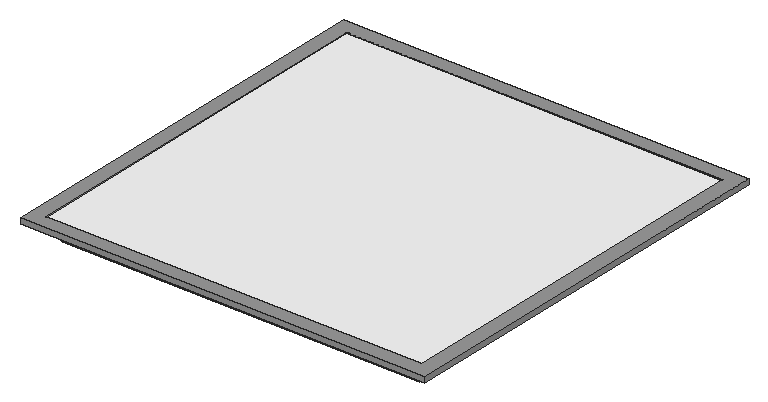
Revit family "0047671", category Lighting Fixtures, host Face, Revit 2017
Family settings
  Host = Face
  Round Connector Dimension = Use Diameter
  Part Type = Normal
  OmniClass Number = 23.80.70.00
  OmniClass Title = Lighting
  Cut with Voids When Loaded = No
  Light Source = Yes
  Shared = No
  Room Calculation Point = No
Parameters (values of type "0047671 START ECO PANEL 600X600 3200LM 865")
  Weight = "kg"
  Wattage Comments = ""
  Wattage = 36 W
  WarrantyStartDate [instance] = "n/a"
  WarrantyGuarantorParts = "n/a"
  WarrantyDurationUnit = "n/a"
  WarrantyDurationParts = "n/a"
  WarrantyDescription = "n/a"
  built-in parameter 1150110 = 1 (stored number, unit not read)
  Voltage = 0 V
  URL = "http://www.sylvania-lighting.com"
  TypeName = "START eco Panel 600x600 3200Lm 865"
  Type Image = <None>
  Type Comments = "n/a"
  built-in parameter 1114217 = 1 (stored number, unit not read)
  Tilt Angle = -90.00°
  built-in parameter 1150109 = 1 (stored number, unit not read)
  built-in parameter 1150134 = 1
  built-in parameter 1150113 = 1 (stored number, unit not read)
  SerialNumber [instance] = "n/a"
  Photometric Web File = "0047671.ies"
  Material_3_SYL = none
  PowerFactor = 0.95
  PowerConsumption = "36 W"
  NominalLength = 595 mm
  NominalHeight = 34 mm
  NominalDepth = 595 mm
  Name = "START eco Panel 600x600 3200Lm 865"
  ModelReference = Name  # "START eco Panel 600x600 3200Lm 865"
  ModelNumber = "0047671"
  Model = Name  # "START eco Panel 600x600 3200Lm 865"
  Material = "al 6063 housing, ps diffuser"
  ManufacturerName = "Feilo Sylvania"
  Manufacturer = "Feilo Sylvania"
  LuminousEfficacy = "89 lm/W"
  built-in parameter 1150105 = 254.97 (stored number, unit not read)
  Lumens = 3204 lm
  LuminaireType = ""
  built-in parameter 1150115 = 1 (stored number, unit not read)
  LightOutputRatio = "n/a"
  built-in parameter 1150137 = (empty or 0)
  built-in parameter 1150139 = (empty or 0)
  LampsType = Lamp  # "LED"
  LampNominalLuminous = "3200 lm"
  LampMacAdamStep = "6"
  LampColourTemperature = "6500 K"
  LampColourRenderingIndex = "80"
  built-in parameter 1150112 = 1 (stored number, unit not read)
  built-in parameter 1150114 = 1 (stored number, unit not read)
  Lamp = "LED"
  Keynote = "16500"
  InstallationDate [instance] = "n/a"
  InputVoltage = "n/a"
  InputNominalFrequency = "n/a"
  built-in parameter 1150132 = (empty or 0)
  built-in parameter 1150102 = (empty or 0)
  built-in parameter 1150107 = 6500 (stored number, unit not read)
  built-in parameter 1150138 = (empty or 0)
  IngressProtection = "IP40/20"
  ImpactProtectionIndex = "IK03"
  built-in parameter 1150106 = 2.5497 (stored number, unit not read)
  IfcExportType = "IfcLightFixtureType"
  IfcExportAs = "IfcLightFixtureType"
  Emit from Rectangle Width = 553 mm
  Emit from Rectangle Length = 553 mm
  Emit Shape Visible in Rendering = no
  ElectricShockClassification = "Class II"
  built-in parameter 1150104 = 8.2684 (stored number, unit not read)
  DocumentationLiterature = "http://www.sylvania-lighting.com/product/en-int/products/0047671"
  DimmingControlOptions = "n/a"
  Material_2_SYL = LED
  Dimming Lamp Color Temperature Shift = <None>
  Description = ""
  Default Elevation = 1219.2 mm
  CreatedOn = "6/25/2019"
  CreatedBy = "@sylvania-lighting.com"
  Cost = 0
  Color Filter = 16777215
  built-in parameter 1114216 [instance] = (empty or 0)
  ClassificationValue = "EF_70_80"
  ClassificationName = "Uniclass2015"
  Material_1_SYL = PC/ABS Plastic
  BarCode [instance] = "n/a"
  built-in parameter 1114218 = 1 (stored number, unit not read)
  built-in parameter 1150133 = 10 (stored number, unit not read)
  AssetType = "Fixed"
  AssetIdentifier [instance] = "n/a"
  Assembly Code = "D5020200"
  Apparent Load = 36 VA
  Material_4_SYL = none
Reference planes
  plane 1 "Center (Front/Back)": y = 0
  plane 2: z = 0
  plane 3 "Center (Left/Right)": x = 0
  plane 4: z = 8
  plane 5: z = -26
  plane 6: z = -56
  plane 7: x = 297.5
  plane 8: x = -297.5
  plane 9: y = 297.5
  plane 10: y = -297.5
  plane 11: y = 276.5
  plane 12: y = -276.5
  plane 13: x = -276.5
  plane 14: x = 276.5
  plane 15: x = -275
  plane 16: x = 275
  plane 17: y = -275
  plane 18: y = 275
  plane 19: x = 263
  plane 20: x = -263
  plane 21: y = -263
  plane 22: y = 263
  plane 23: z = 7
  plane 24: z = -100
Forms (mm)
  Extrusion 1, void
    sketch origin (0, 0, 0) x (1, 0, 0) y (0, 1, 0)
      loop
        line (-275, 275) -> (-275, -275) -> (275, -275) -> (275, 275) -> (-275, 275)
    from 0 to -100
  Extrusion 2, solid, material "PC/ABS Plastic" <- "Material_1_SYL"
    sketch origin (0, 0, 0) x (1, 0, 0) y (0, 1, 0)
      loop
        line (-297.5, -297.5) -> (297.5, -297.5) -> (297.5, 297.5) -> (-297.5, 297.5) -> (-297.5, -297.5)
    from 0 to 8
  Extrusion 3, void
    sketch origin (1223.4, -4572, 8) x (-1, 0, 0) y (0, -1, 0)
      loop
        line (1499.9, -4848.5) -> (1499.9, -4295.5) -> (946.9, -4295.5) -> (946.9, -4848.5) -> (1499.9, -4848.5)
    from 0 to -1
  Blend 4, solid, material "PC/ABS Plastic" <- "Material_1_SYL"
    base sketch origin (0, 0, 0) x (1, 0, 0) y (0, 1, 0)
      loop
        line (-275, -275) -> (275, -275) -> (275, 275) -> (-275, 275) -> (-275, -275)
    top sketch origin (0, 0, 0) x (1, 0, 0) y (0, 1, 0)
      loop
        line (-263, -263) -> (263, -263) -> (263, 263) -> (-263, 263) -> (-263, -263)
    from 0 to -26
Cuts and joins
  Extrusion 3 cuts Extrusion 2
Dimensions and locks
  equal spacing: plane 8, plane 3 "Center (Left/Right)", plane 7
  locked: plane 8 to plane 7 at 595
  equal spacing: plane 10, plane 1 "Center (Front/Back)", plane 9
  locked: plane 10 to plane 9 at 595
  equal spacing: plane 13, plane 3 "Center (Left/Right)", plane 14
  locked: plane 13 to plane 14 at 553
  equal spacing: plane 12, plane 1 "Center (Front/Back)", plane 11
  locked: plane 12 to plane 11 at 553
  equal spacing: plane 17, plane 1 "Center (Front/Back)", plane 18
  locked: plane 17 to plane 18 at 550
  equal spacing: plane 15, plane 3 "Center (Left/Right)", plane 16
  locked: plane 15 to plane 16 at 550
  equal spacing: plane 21, plane 1 "Center (Front/Back)", plane 22
  locked: plane 21 to plane 22 at 526
  equal spacing: plane 20, plane 3 "Center (Left/Right)", plane 19
  locked: plane 20 to plane 19 at 526
  locked: plane 4 to plane 23 at 1
  locked: plane 4 to plane 2 at 8
  plane 2 to plane 5 to plane 6 = 26 mm locked, 30 mm locked
  locked: plane 2 to plane 24 at 100
  aligned and locked: plane 2 to host face
  aligned and locked: level to host face
  aligned and locked: plane 18 to Extrusion 1 sketch curve
  aligned and locked: plane 15 to Extrusion 1 sketch curve
  aligned and locked: Extrusion 1 sketch curve to plane 17
  aligned and locked: Extrusion 1 sketch curve to plane 16
  aligned and locked: level to Extrusion 1
  aligned and locked: plane 10 to Extrusion 2 sketch curve
  aligned and locked: Extrusion 2 sketch curve to plane 8
  aligned and locked: Extrusion 2 sketch curve to plane 9
  aligned and locked: plane 7 to Extrusion 2 sketch curve
  aligned and locked: Extrusion 2 to level
  aligned and locked: Extrusion 2 to plane 4
  aligned and locked: plane 11 to Extrusion 3 sketch curve
  aligned and locked: plane 13 to Extrusion 3 sketch curve
  aligned and locked: Extrusion 3 sketch curve to plane 12
  aligned and locked: Extrusion 3 sketch curve to plane 14
  aligned and locked: plane 23 to Extrusion 3
  aligned and locked: Extrusion 3 to plane 4
  aligned and locked: plane 17 to Blend 4 sketch curve
  aligned and locked: Blend 4 sketch curve to plane 15
  aligned and locked: Blend 4 sketch curve to plane 18
  aligned and locked: plane 16 to Blend 4 sketch curve
  aligned and locked: plane 21 to Blend 4 sketch curve
  aligned and locked: Blend 4 sketch curve to plane 20
  aligned and locked: Blend 4 sketch curve to plane 22
  aligned and locked: plane 19 to Blend 4 sketch curve
  aligned and locked: plane 5 to Blend 4
  aligned and locked: level to Blend 4
  aligned and locked: Extrusion 1 to plane 24
  aligned and locked: imposter light to plane 23
  aligned and locked: plane 3 "Center (Left/Right)" to imposter light
  aligned and locked: imposter light to plane 1 "Center (Front/Back)"
Automatic sketch dimensions
  host sketch curve to host sketch curve = 800 mm  (x2)
Connectors
  electrical at (0, 0, 8), driven by "Voltage", driven by "Apparent Load", driven by "PowerFactor"
    settings: on cut or joined group of Extrusion 2, Extrusion 3, index 1, voltage 0 V, apparent load 36 VA, apparent load phase1 0 VA, apparent load phase2 0 VA, apparent load phase3 0 VA, power factor 0.95, load classification "Other", number of poles 1, system type 30, power factor state 1, is connector primary yes, connector utility no, sub classification motor no, connector description ""
